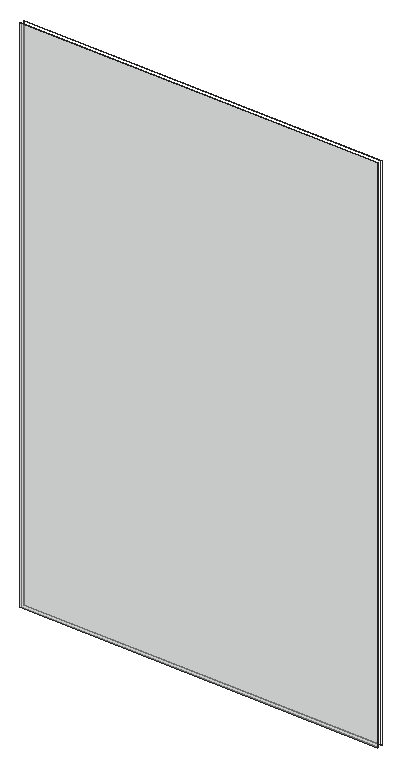
Revit family "Building-Materials_Glass-Glazing_Vitro-Architectural-Glass_SOLARBAN-R77", category Curtain Panels, Revit 2026
Family settings
  Classification Number = 23.25.20.14.11.11.17
  Always vertical = Yes
  Cut with Voids When Loaded = No
  Shared = No
Parameters (values of type "Solarban R77 (2) Starphire + Starphire")
  Visual Light Transmittance = if(Glass Code = 1, 0.47, if(Glass Code = 2, 0.5, if(Glass Code = 3, 0.49, 0)))  # 0.5
  UV Light Transmittance = 0.19
  URL = "https://www.vitroglazings.com/"
  U-Value Argon (Winter Night) = 0.2400 BTU/(h·ft²·°F)
  U-Value Argon (Summer Day) = 0.2100 BTU/(h·ft²·°F)
  U-Value Air (Winter Night) = 0.2900 BTU/(h·ft²·°F)
  U-Value Air (Summer Day) = 0.2700 BTU/(h·ft²·°F)
  Total Thickness = Airspace Thickness + [1st Lite Thickness] + [2nd Lite Thickness]  # 0' - 1"
  Thermal Resistance (R) = 8.3333 (h·ft²·°F)/BTU  # constant formula
  Solar Light Transmittance = 0.23
  Solar Heat Gain Coefficient = if(Glass Code = 1, 0.25, if(Glass Code = 2, 0.25, if(Glass Code = 3, 0.25, 0)))  # 0.25
  Shadow Coefficient = 0.29
  Reflectance (Visible Interior) = 16
  Reflectance (Visible Exterior) = 26
  Product data url = "https://www.bimobject.com/vitroarchictecturalglass/product/solarban-r77"
  Product Page URL = "https://www.vitroglazings.com/products/low-e-glass/solarban-r77-glass/"
  Product Guid = "fe48206b-4340-47fd-9484-a3961f230bf8"
  Model = "Solarban R77 (2) Starphire + Starphire"
  Manufacturer = "Vitro Architectural Glass "  # constant formula
  Light to Solar Gain = 2
  Keynote = "08900"  # constant formula
  Interior Glass Material = Vitro Architectural-Glass - Starphire
  ISO Damage Weighted Transmittance = 0.399
  Heat Transfer Coefficient (U) = 0.2900 BTU/(h·ft²·°F)  # constant formula
  Glass Code = 2
  Finish = "Glass"  # constant formula
  Exterior Glass Material = Vitro Architectural-Glass - Solarban R77 (2) Starphire
  Description = "Utilizing a magnetron sputtered vacuum deposition (MSVD) solar control, low-emissivity (low-e) coating, Solarban® R77 glass joins Vitro Glass’s family of neutral-reflective low-e glasses to showcase reflectivity that is higher than that of Solarban® 67 glass but lower than that of Solarban® R100 glass."  # constant formula
  Define Thermal Properties by = Schematic Type
  Assembly Code = "B2020220"
  Analytic Construction = "Low-E double glazing (1/4 in + 1/4 in)"
  Airspace Thickness = 0' - 0 1/2"  # constant formula
  2nd Lite Thickness = 0' - 0 1/4"  # constant formula
  1st Lite Thickness = 0' - 0 1/4"  # constant formula
Types (3): name | Visual Light Transmittance | UV Light Transmittance | Solar Light Transmittance | Reflectance (Visible Exterior) | Model | Light to Solar Gain | Interior Glass Material | ISO Damage Weighted Transmittance | Glass Code | Exterior Glass Material
  Solarban R77 (2) Clear + Clear | 0.47 | 0.13 | 0.21 | 25 | "Solarban R77 (2) Clear + Clear" | 1.88 | Vitro Architectural-Glass - Clear | 0.363 | 1 | Vitro Architectural-Glass - Solarban R77 (2) Clear
  Solarban R77 (2) Starphire + Starphire | 0.5 | 0.19 | 0.23 | 26 | "Solarban R77 (2) Starphire + Starphire" | 2 | Vitro Architectural-Glass - Starphire | 0.399 | 2 | Vitro Architectural-Glass - Solarban R77 (2) Starphire
  Solarban R77 (2) Acuity + Acuity | 0.49 | 0.16 | 0.22 | 26 | "Solarban R77 (2) Acuity + Acuity" | 1.96 | Vitro Architectural-Glass - Acuity | 0.386 | 3 | Vitro Architectural-Glass - Solarban R77 (2) Acuity
Reference planes (in)
  plane 1 "Front": y = 0
  plane 2: z = 0
  plane 3 "Center (Left/Right)": x = 0
  plane 4 "Left": x = -32.75106
  plane 5 "Right": x = 32.75106
  plane 6 "Top": z = 96
  plane 7: y = 0.25
  plane 8: y = -0.25
Forms (in)
  Extrusion 1, solid, material "Vitro Architectural-Glass - Starphire" <- "Interior Glass Material"
    sketch origin (0, 0.5, 0) x (1, 0, 0) y (0, 1, 0)
      loop
        line (-32.75106, 0) -> (-32.75106, -0.25) -> (32.75106, -0.25) -> (32.75106, 0) -> (-32.75106, 0)
    from 0 to 96
  Extrusion 2, solid, material "Vitro Architectural-Glass - Solarban R77 (2) Starphire" <- "Exterior Glass Material"
    sketch origin (0, -0.5, 0) x (1, 0, 0) y (0, 1, 0)
      loop
        line (-32.75106, 0.25) -> (-32.75106, 0) -> (32.75106, 0) -> (32.75106, 0.25) -> (-32.75106, 0.25)
    from 0 to 96
Text (in)
  text "Exterior" at (-54.29358, 31.38743, 0), in view "Ref. Level"
  text "Exterior" at (480, 41.53993, 89.60405), in view "Right"
  text "Exterior" at (-240, 57.82419, 105.78864), in view "Left"
Dimensions and locks (in)
  equal spacing: plane 4 "Left", plane 3 "Center (Left/Right)", plane 5 "Right"
  "2nd Lite Thickness": Extrusion 2 sketch curve to Extrusion 2 sketch curve
  equal spacing: plane 7, plane 1 "Front", plane 8
  "Airspace Thickness": plane 7 to plane 8
  "1st Lite Thickness": Extrusion 1 sketch curve to plane 7
  "Total Thickness": Extrusion 2 to Extrusion 1
  aligned and locked: level to plane 2
  aligned and locked: Extrusion 1 sketch curve to plane 4 "Left"
  aligned and locked: plane 5 "Right" to Extrusion 1 sketch curve
  aligned and locked: plane 5 "Right" to Extrusion 2 sketch curve
  aligned and locked: Extrusion 2 sketch curve to plane 4 "Left"
  aligned and locked: Extrusion 1 to plane 6 "Top"
  aligned and locked: Extrusion 1 to level
  aligned and locked: Extrusion 2 to plane 6 "Top"
  aligned and locked: Extrusion 2 to level
  aligned and locked: plane 8 to Extrusion 2
  aligned and locked: plane 7 to Extrusion 1 sketch curve
  aligned and locked: Extrusion 2 sketch curve to plane 8
